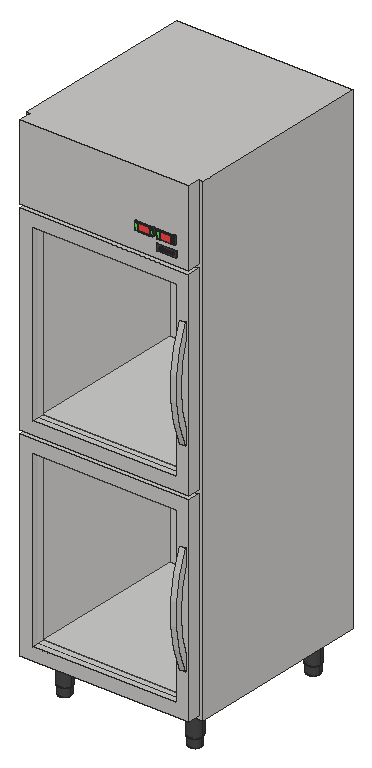
Revit family "QF_Macom_RVDS-A-2xx", category Specialty Equipment, Revit 2020
Family settings
  Round Connector Dimension = Use Diameter
  Part Type = Normal
  OmniClass Number = 23.40.40.11.11.17
  OmniClass Title = Refrigerator-Freezer
  Work Plane-Based = No
  Always vertical = Yes
  Cut with Voids When Loaded = No
  Shared = No
  Room Calculation Point = No
Parameters (values of type "RVDS-A-2VG")
  Weight = 150.00 kg
  Watts = 751 W
  Warranty Start Date [instance] = ""
  Warranty Duration [instance] = ""
  Volume = 1.16 m³
  Volts = 220 V
  URL = "https://www.acosmacom.com.br/produtos/refrigerador-vertical-dual-temp/"
  Refrigerator Work Temperature = "+1°C to +10°C"
  Refrigerator Capacity = 230.0 L
  Model = "RVDS-A-2VG"
  Half_Stainless_Door = no
  Half_Glass_Half_Stainless_Door = no
  Half_Glass_Door = yes
  Full_Stainless_Door = no
  Full_Glass_Door = no
  Freezer Work Temperature = "-20°C to -16°C"
  Freezer Capacity = 205.0 L
  Manufacturer = "MACOM"
  Default Elevation = 0.00 mm
  Door Width = Length Actual - 28.00 mm  # 672.00 mm
  Description = "REFRIGERADOR DUAL TEMP VERTICAL COMERCIAL SIMPLES MACOM, 2 PORTAS VIDRO-700X800X2070"
  Type Comments = ""
  Technical Documentation [instance] = ""
  Tag Number [instance] = ""
  Status [instance] = ""
  Sound Level [instance] = ""
  Solid Fuel Type [instance] = ""
  Show Logo [instance] = yes
  Show Clearances [instance] = yes
  Service Life Duration [instance] = ""
  Revision [instance] = ""
  Refrigeration Defrost Drain [instance] = yes
  Refrigeration Climate Class [instance] = "6"
  Refrigerant Type [instance] = "R404a"
  Production Year [instance] = ""
  Point Load [instance] = 0
  Phase [instance] = 0
  Operational Current [instance] = 3.64 A
  Model Warning [instance] = ""
  Masterspec [instance] = ""
  Length Actual = 700.00 mm
  Installation Date [instance] = ""
  Ingress Protection Code [instance] = "IP 22"
  Identify Quantity as Lot [instance] = yes
  ID [instance] = ""
  Hygiene Approval [instance] = ""
  Height Actual = 2070.00 mm
  Foodservice Equipment Identifier [instance] = yes
  Elec Conn Connection Height [instance] = 1823.00 mm
  ETL Approved [instance] = yes
  Depth Actual = 845.00 mm
  Cycle [instance] = 60 Hz
  CSI MasterFormat [instance] = ""
  CE Approved [instance] = yes
  Accessory [instance] = yes
Types (3, lengths in mm): name | Model | Half_Stainless_Door | Half_Glass_Door | Description | Refrigeration Climate Class
  (no name) | "RVDS-A-2VG" | no | yes | "REFRIGERADOR DUAL TEMP VERTICAL COMERCIAL SIMPLES MACOM, 2 PORTAS VIDRO-700X800X2070" | "6"
  RVDS-A-2IG | "RVDS-A-2IG" | yes | no | "REFRIGERADOR DUAL TEMP VERTICAL COMERCIAL SIMPLES MACOM, 2 PORTAS INOX-700X800X2070" | "5"
  RVDS-A-2VG | "RVDS-A-2VG" | no | yes | "REFRIGERADOR DUAL TEMP VERTICAL COMERCIAL SIMPLES MACOM, 2 PORTAS VIDRO-700X800X2070" | "6"
Reference planes
  plane 1 "Centro (Frontal/Traseira)": y = 0
  plane 2: z = 0
  plane 3 "Centro (Esquerda/Direita)": x = 0
  plane 4: z = 1770
  plane 5: z = 150
  plane 6: y = -131.5
  plane 7: y = -718.5
  plane 8: y = -50
  plane 9: y = -795
  plane 10: x = 91.5
  plane 11: x = 608.5
  plane 12: x = 700
  plane 13: z = 2070
  plane 14: y = -845
  plane 15: y = -845
  plane 16: z = 48.128
  plane 17: y = -845
  plane 18: x = 1199
  plane 19: y = -845
Forms (mm)
  Extrusion 1, solid, material "QF_Metal_Stainless_Steel"
    sketch origin (0, 0, 0) x (0, 1, 0) y (0, 0, 1)
      loop
        line (-50, 150) -> (-50, 1770) -> (-795, 1770) -> (-795, 150) -> (-50, 150)
    from 0 to 700
  Extrusion 2, solid, material "QF_Metal_Stainless_Steel"
    sketch origin (0, -50, 1770) x (0, -1, 0) y (1, 0, 0)
      loop
        line (0, 0) -> (745, 0) -> (745, 14) -> (795, 14) -> (795, 686) -> (745, 686) -> (745, 700) -> (0, 700) -> (0, 0)
    from 0 to 300
  Extrusion 3, solid, material "QF_Metal_Stainless_Steel"
    sketch origin (0, -50, 1770) x (1, 0, 0) y (0, 0, -1)
      loop
        circle (633, -53) r 9.525
    from 0 to 6.4
  Extrusion 4, solid, material "QF_Metal_Stainless_Steel"
    sketch origin (0, -50, 1770) x (1, 0, 0) y (0, 0, -1)
      loop
        line (52, -228.8) -> (618, -228.8) -> (618, 1168) -> (52, 1168) -> (52, -228.8)
    from 0 to 50
  Extrusion 5, void
    sketch origin (0, -795, 1770) x (-1, 0, 0) y (0, 0, 1)
      loop
        line (-36.938, -40.095) -> (-661.938, -40.095) -> (-661.938, -775.095) -> (-36.938, -775.095) -> (-36.938, -40.095)
      loop
        line (-36.938, -848.879) -> (-661.938, -848.879) -> (-661.938, -1578.879) -> (-36.938, -1578.879) -> (-36.938, -848.879)
    from 0 to 663.5
Cuts and joins
  Extrusion 5 cuts Extrusion 1
  Extrusion 5 cuts Extrusion 2
  joined: Extrusion 1, Extrusion 2
Lines and regions (mm)
  symbolic lines
    curve 1: line (0, -50, 0) -> (700, -50, 0)
    curve 2: line (700, -50, 0) -> (700, -795, 0)
    curve 3: line (700, -795, 0) -> (686, -795, 0)
    curve 4: line (686, -795, 0) -> (686, -845, 0)
    curve 5: line (686, -845, 0) -> (14, -845, 0)
    curve 6: line (14, -845, 0) -> (14, -795, 0)
    curve 7: line (14, -795, 0) -> (0, -795, 0)
    curve 8: line (0, -795, 0) -> (0, -50, 0)
    curve 9: line (52, 0, 0) -> (618, 0, 0)
    curve 10: line (52, -50, 0) -> (52, 0, 0)
    curve 11: line (618, -50, 0) -> (52, -50, 0)
    curve 12: line (618, 0, 0) -> (618, -50, 0)
    curve 17: line (21, -90, 0) -> (679, -90, 0)
    curve 18: line (21, -770, 0) -> (21, -90, 0)
    curve 19: line (679, -770, 0) -> (21, -770, 0)
    curve 20: line (679, -90, 0) -> (679, -770, 0)
  model lines
    curve 13: line (21, -90, 2070) -> (679, -90, 2070)
    curve 14: line (21, -770, 2070) -> (21, -90, 2070)
    curve 15: line (679, -770, 2070) -> (21, -770, 2070)
    curve 16: line (679, -90, 2070) -> (679, -770, 2070)
Dimensions and locks
  locked: plane 8 to plane 6 at 81.5
  locked: plane 8 to plane 7 at 668.5
  plane 1 "Centro (Frontal/Traseira)" to plane 8 = 50.00 mm
  plane 8 to plane 9 = 745.00 mm
  locked: plane 4 to plane 5 at 1620
  locked: plane 10 to plane 3 "Centro (Esquerda/Direita)" at 91.5
  "Length Actual": plane 12 to plane 3 "Centro (Esquerda/Direita)"
  locked: plane 12 to plane 11 at 91.5
  plane 4 to plane 5 = 1620.00 mm
  locked: plane 13 to plane 5 at 1920
  "Height Actual": plane 13 to level
  "Elec Conn Connection Height": level to Extrusion 3 sketch curve
  locked: plane 12 to Extrusion 3 sketch curve at 67
  locked: plane 12 to Extrusion 4 sketch curve at 82
  locked: Extrusion 4 sketch curve to plane 3 "Centro (Esquerda/Direita)" at 52
  locked: Extrusion 4 sketch curve to plane 13 at 71.2
  locked: level to Extrusion 4 sketch curve at 602
  "Depth Actual": plane 1 "Centro (Frontal/Traseira)" to plane 17
  locked: cut or joined group of Extrusion 1, Extrusion 2, Extrusion 5 to curve 14 at 21
  locked: curve 16 to cut or joined group of Extrusion 1, Extrusion 2, Extrusion 5 at 21
  locked: curve 13 to plane 8 at 40
  locked: curve 15 to plane 9 at 25
  locked: nested 8 to cut or joined group of Extrusion 1, Extrusion 2, Extrusion 5 at 14
  locked: nested 8 to plane 4 at 14
  aligned and locked: level to plane 2
  aligned and locked: plane 4 to Extrusion 1
  aligned and locked: plane 5 to Extrusion 1
  aligned and locked: plane 5 to nested 4
  aligned and locked: plane 5 to nested 2
  aligned and locked: plane 5 to nested 3
  aligned and locked: plane 5 to nested 1
  aligned and locked: plane 7 to nested 4
  aligned and locked: plane 7 to nested 1
  aligned and locked: plane 6 to nested 3
  aligned and locked: plane 6 to nested 2
  aligned and locked: plane 8 to Extrusion 1
  aligned and locked: plane 9 to Extrusion 1
  aligned and locked: plane 10 to nested 1
  aligned and locked: plane 10 to nested 2
  aligned and locked: plane 11 to nested 3
  aligned and locked: plane 11 to nested 4
  aligned and locked: plane 12 to Extrusion 1
  aligned and locked: plane 13 to cut or joined group of Extrusion 1, Extrusion 2, Extrusion 5
  aligned and locked: nested 5 to plane 14
  aligned and locked: plane 15 to nested 6
  aligned and locked: plane 17 to cut or joined group of Extrusion 1, Extrusion 2, Extrusion 5
  aligned and locked: plane 17 to plane 15
  aligned and locked: plane 15 to plane 14
  aligned and locked: plane 19 to nested 7
  aligned and locked: plane 19 to plane 15
  aligned and locked: curve 17 to curve 13
  aligned and locked: curve 18 to curve 14
  aligned and locked: curve 19 to curve 15
  aligned and locked: curve 20 to curve 16
  aligned and locked: cut or joined group of Extrusion 1, Extrusion 2, Extrusion 5 to nested 8
Automatic sketch dimensions
  Extrusion 1 sketch curve to plane 5 = 0.00 mm
  Extrusion 1 sketch curve to plane 9 = 0.00 mm
  Extrusion 1 sketch curve to plane 4 = 0.00 mm
  Extrusion 1 sketch curve to plane 8 = 0.00 mm
  Extrusion 2 sketch curve to Extrusion 1 = 0.00 mm  (x3)
  Extrusion 1 to Extrusion 2 sketch curve = 0.00 mm  (x2)
  Extrusion 1 to Extrusion 2 sketch curve = 14.00 mm  (x2)
  Extrusion 2 sketch curve to Extrusion 2 sketch curve = 50.00 mm
  curve 1 to plane 3 "Centro (Esquerda/Direita)" = 0.00 mm
  plane 9 to curve 6 = 0.00 mm
  plane 14 to curve 5 = 0.00 mm
  plane 1 "Centro (Frontal/Traseira)" to curve 10 = 0.00 mm
  plane 8 to curve 11 = 0.00 mm
  plane 9 to curve 4 = 0.00 mm
  plane 8 to curve 1 = 0.00 mm
  curve 1 to plane 12 = 0.00 mm
  plane 3 "Centro (Esquerda/Direita)" to curve 6 = 14.00 mm
  curve 10 to plane 10 = 39.50 mm
  plane 11 to curve 9 = 9.50 mm
  curve 4 to plane 12 = 14.00 mm
  Extrusion 5 sketch curve to Extrusion 2 = 647.938 mm  (x2)
  Extrusion 2 to Extrusion 5 sketch curve = 40.095 mm
  Extrusion 5 sketch curve to Extrusion 2 = 22.938 mm  (x2)
  Extrusion 5 sketch curve to Extrusion 5 sketch curve = 735.00 mm
  Extrusion 5 sketch curve to Extrusion 5 sketch curve = 73.785 mm
  Extrusion 5 sketch curve to Extrusion 5 sketch curve = 730.00 mm
  radius of Extrusion 3 sketch curve = 9.525 mm
Nested families
  nested 1: "PÉ DE APOIO 150" at (91.5, -718.5, 0.5), type "PÉ DE APOIO 150"
  nested 2: "PÉ DE APOIO 150" at (91.5, -131.5, 0.5), type "PÉ DE APOIO 150"
  nested 3: "PÉ DE APOIO 150" at (608.5, -131.5, 0.5), type "PÉ DE APOIO 150"
  nested 4: "PÉ DE APOIO 150" at (608.5, -718.5, 0.5), type "PÉ DE APOIO 150"
  nested 5: "CONTROLADOR_CAB" at (597.671, -845, 1859.435), type "CONTROLADOR_CAB"
  nested 6: "LOGOTIPO MACON" at (599, -845, 1797.117), visible <- "Show Logo", type "LOGOTIPO MACON"
  nested 7: "CONTROLADOR_CAB" at (511, -845, 1859.435), type "CONTROLADOR_CAB"
  nested 8: "PORTA RV_FV" at (14, -795, 164), Full_Glass_Door <- "Full_Glass_Door", Full_Stainless_Door <- "Full_Stainless_Door", Half_Glass_Door <- "Half_Glass_Door", Half_Glass_Half_Stainless <- "Half_Glass_Half_Stainless_Door", Half_Stainless_Door <- "Half_Stainless_Door", Length Actual <- "Door Width", Show Clearances <- "Show Clearances", type "PORTA RV_FV"
    with Weight 0.00 kg, Show Logo yes, Show Clearances yes, SMACNA No "", Revision Code "", R_Swing no, Point Load 0, NAFEM Spec ID Number "", Mid_Door 0.00 mm, Masterspec "", Length Actual 672.00 mm, L_Swing yes, Item Number "", Identify Quantity as Lot yes, Hinge_R no, Hinge_L yes, Hinge_Half 25.00 mm, Height Actual 0.00 mm, Half_Stainless_Door no, Half_Rght_Open no, Half_Left_Open yes, Half_Half_Right_Open no, Half_Half_Left_Open no, Half_Glass_Half_Stainless no, Half_Glass_Door yes, Full_Stainless_Door no, Full_Right_Open no, Full_Left_Open no, Full_Glass_Door no, Foodservice Equipment Identifier yes, Door_Thk 50.00 mm, Depth Actual 0.00 mm, CutHalf 0.00 mm, CSI MasterFormat "", CE Approved yes, Accessory yes
Connectors
  electrical at (633, -43.6, 1823), driven by "Volts"
    settings: on Extrusion 3, index 1, voltage 220 V, apparent load 0 VA, apparent load phase1 0 VA, apparent load phase2 0 VA, apparent load phase3 0 VA, power factor 1, load classification "Outro", number of poles 1, system type 30, power factor state 1, is connector primary yes, connector utility no, sub classification motor no, connector description ""
Definition of nested family "PÉ DE APOIO 150"
  Parameters (values of type "PÉ DE APOIO 150")
    Default Elevation = 0.00 mm
  Reference planes
    plane 1 "Centro (Frente/Trás)": y = 0
    plane 2: z = 0
    plane 3 "Centro (Esquerda/Direita)": x = 0
  Forms (mm)
    Revolve 1, solid
      sketch origin (0, 0, 0) x (1, 0, 0) y (0, 0, 1)
        loop
          line (0, 0) -> (23.041, 0)
          arc (23.041, 0) -> (24.426, 0.574) -> (25, 1.959) r 1.959
          line (25, 1.959) -> (25, 35) -> (26.049, 35)
          arc (26.049, 35) -> (28.136, 35.864) -> (29, 37.951) r 2.951
          line (29, 37.951) -> (29, 132) -> (34, 137) -> (0, 137) -> (0, 0)
        axis (0, 137) -> (0, 0)
      angle from 0 to 360
    Extrusion 2, solid
      sketch origin (0, 0, 0) x (1, 0, 0) y (0, 0, 1)
        loop
          line (47, 137) -> (47, 149.5) -> (-47, 149.5) -> (-47, 137) -> (47, 137)
      from -57 to 57
  Dimensions and locks
    aligned and locked: level to plane 2
Definition of nested family "CONTROLADOR_CAB"
  Parameters (values of type "CONTROLADOR_CAB")
    Default Elevation = 0.00 mm
  Reference planes
    plane 1 "Center (Front/Back)": y = 0
    plane 2: z = 0
    plane 3 "Center (Left/Right)": x = 0
  Forms (mm)
    Extrusion 1, solid
      sketch origin (0, 0, 0) x (1, 0, 0) y (0, 0, 1)
        loop
          line (37.5, -12.5) -> (37.5, 12.5)
          arc (37.5, 12.5) -> (36.328, 15.328) -> (33.5, 16.5) r 4
          line (33.5, 16.5) -> (-33.5, 16.5)
          arc (-33.5, 16.5) -> (-36.328, 15.328) -> (-37.5, 12.5) r 4
          line (-37.5, 12.5) -> (-37.5, -12.5)
          arc (-37.5, -12.5) -> (-36.328, -15.328) -> (-33.5, -16.5) r 4
          line (-33.5, -16.5) -> (33.5, -16.5)
          arc (33.5, -16.5) -> (36.328, -15.328) -> (37.5, -12.5) r 4
      from 0 to 5
    Extrusion 2, solid
      sketch origin (0, 0, 0) x (1, 0, 0) y (0, 0, 1)
        loop
          line (24, -13.5) -> (24, 13.5)
          arc (24, 13.5) -> (23.121, 15.621) -> (21, 16.5) r 3
          line (21, 16.5) -> (-21, 16.5)
          arc (-21, 16.5) -> (-23.121, 15.621) -> (-24, 13.5) r 3
          line (-24, 13.5) -> (-24, -13.5)
          arc (-24, -13.5) -> (-23.121, -15.621) -> (-21, -16.5) r 3
          line (-21, -16.5) -> (21, -16.5)
          arc (21, -16.5) -> (23.121, -15.621) -> (24, -13.5) r 3
      from 5 to 5.937
    Extrusion 3, solid
      sketch origin (0, 0, 0) x (1, 0, 0) y (0, 0, 1)
        loop
          line (-23, 13) -> (-23, -13) -> (23, -13) -> (23, 13) -> (-23, 13)
      from 5.937 to 6.875
    Extrusion 4, solid
      sketch origin (0, 0, 0) x (1, 0, 0) y (0, 0, 1)
        loop
          line (24, -13) -> (31, -13)
          arc (31, -13) -> (34.646, 0) -> (31, 13) r 25
          line (31, 13) -> (24, 13) -> (24, -13)
        loop
          line (-24, -13) -> (-24, 13) -> (-31, 13)
          arc (-31, 13) -> (-34.646, 0) -> (-31, -13) r 25
          line (-31, -13) -> (-24, -13)
      from 5 to 5.937
  Cuts and joins
    joined: Extrusion 1, Extrusion 2
  Dimensions and locks
    aligned and locked: level to plane 2
Definition of nested family "LOGOTIPO MACON"
  Parameters (values of type "LOGOTIPO MACON")
    Default Elevation = 0.00 mm
  Reference planes
    plane 1 "Centro (Frente/Trás)": y = 0
    plane 2: z = 0
    plane 3 "Centro (Esquerda/Direita)": x = 0
  Forms (mm)
    Extrusion 1, solid
      sketch origin (0, 4.488, 0.011) x (1, 0, 0) y (0, 0.000061, 1)
        loop
          arc (-37.5, 25.9) -> (-39.268, 25.168) -> (-40, 23.4) r 2.5
          line (-40, 23.4) -> (-40, 2.5)
          arc (-40, 2.5) -> (-39.268, 0.732) -> (-37.5, 0) r 2.5
          line (-37.5, 0) -> (37.5, 0)
          arc (37.5, 0) -> (39.268, 0.732) -> (40, 2.5) r 2.5
          line (40, 2.5) -> (40, 23.4)
          arc (40, 23.4) -> (39.268, 25.168) -> (37.5, 25.9) r 2.5
          line (37.5, 25.9) -> (-37.5, 25.9)
      from 5.474 to 4.489
    Extrusion 2, solid
      sketch origin (0, 4.488, 0.011) x (1, 0, 0) y (0, 0.000061, 1)
        loop
          arc (-39, 3.5) -> (-38.268, 1.732) -> (-36.5, 1) r 2.5
          line (-36.5, 1) -> (36.5, 1)
          arc (36.5, 1) -> (38.268, 1.732) -> (39, 3.5) r 2.5
          line (39, 3.5) -> (39, 22.668)
          arc (39, 22.668) -> (38.268, 24.436) -> (36.5, 25.168) r 2.5
          line (36.5, 25.168) -> (-36.5, 25.168)
          arc (-36.5, 25.168) -> (-38.268, 24.436) -> (-39, 22.668) r 2.5
          line (-39, 22.668) -> (-39, 3.5)
      from 5.474 to 6.289
    Extrusion 3, solid
      sketch origin (24.652, 4.488, 0.011) x (-1, 0, 0) y (0, -0.000061, -1)
        loop
          line (11.282, -9.291) -> (11.282, -10.615)
          arc (11.282, -10.615) -> (15.871, -12.733) -> (11.146, -14.527) r 2.741
          line (11.146, -14.527) -> (11.146, -15.974)
          arc (11.146, -15.974) -> (17.58, -12.762) -> (11.282, -9.291) r 4.061
        loop
          circle (6.809, -12.319) r 3.69
        loop
          circle (6.809, -12.319) r 2.22
        loop
          line (32.238, -16.286) -> (32.238, -9.175) -> (30.639, -9.175) -> (30.639, -14.32)
          arc (30.639, -14.32) -> (30.147, -14.812) -> (29.656, -14.32) r 0.492
          line (29.656, -14.32) -> (29.656, -9.175) -> (28.069, -9.175) -> (28.069, -14.32)
          arc (28.069, -14.32) -> (27.53, -14.859) -> (26.99, -14.32) r 0.539
          line (26.99, -14.32) -> (26.99, -9.175) -> (25.446, -9.175) -> (25.446, -14.741)
          arc (25.446, -14.741) -> (25.898, -15.834) -> (26.99, -16.286) r 1.545
          line (26.99, -16.286) -> (32.238, -16.286)
        loop
          line (23.94, -9.173) -> (22.031, -9.173) -> (22.031, -11.199) -> (20.21, -11.199) -> (20.21, -9.173) -> (18.544, -9.173) -> (18.544, -14.832)
          arc (18.544, -14.832) -> (18.942, -15.792) -> (19.902, -16.189) r 1.358
          line (19.902, -16.189) -> (23.94, -16.189) -> (23.94, -9.173)
        loop
          line (20.21, -12.773) -> (20.21, -14.531) -> (22.031, -14.531) -> (22.031, -12.773) -> (20.21, -12.773)
        loop
          line (1.892, -16.286) -> (1.892, -9.175) -> (0.292, -9.175) -> (0.292, -14.32)
          arc (0.292, -14.32) -> (-0.199, -14.812) -> (-0.691, -14.32) r 0.492
          line (-0.691, -14.32) -> (-0.691, -9.175) -> (-2.278, -9.175) -> (-2.278, -14.32)
          arc (-2.278, -14.32) -> (-2.817, -14.859) -> (-3.356, -14.32) r 0.539
          line (-3.356, -14.32) -> (-3.356, -9.175) -> (-4.901, -9.175) -> (-4.901, -14.741)
          arc (-4.901, -14.741) -> (-4.449, -15.834) -> (-3.356, -16.286) r 1.545
          line (-3.356, -16.286) -> (1.892, -16.286)
        loop
          line (51.28, -9.173) -> (49.828, -17.406)
          arc (49.828, -17.406) -> (53.465, -13.803) -> (51.28, -9.173) r 4.434
        loop
          arc (48.733, -7.616) -> (47.997, -7.316) -> (47.203, -7.346) r 1.888
          line (47.203, -7.346) -> (45.757, -15.549)
          arc (45.757, -15.549) -> (46.402, -15.886) -> (47.047, -15.549) r 0.786
          line (47.047, -15.549) -> (48.733, -7.616)
        loop
          arc (44.32, -6.837) -> (43.579, -6.926) -> (42.893, -7.22) r 2.628
          line (42.893, -7.22) -> (41.1, -15.655)
          arc (41.1, -15.655) -> (41.933, -16) -> (42.765, -15.655) r 1.178
          line (42.765, -15.655) -> (44.32, -6.837)
        loop
          arc (39.538, -8.212) -> (36.053, -11.76) -> (38.114, -16.286) r 4.392
          line (38.114, -16.286) -> (39.538, -8.212)
        loop
          spline (55.059, -12.773) -> (54.705, -11.079) -> (53.667, -9.501) -> (52.017, -8.146) -> (49.866, -7.106) -> (47.361, -6.452) -> (44.673, -6.229) -> (41.985, -6.452) -> (39.48, -7.106) -> (37.329, -8.146) -> (35.678, -9.501) -> (34.641, -11.079) -> (34.287, -12.773)
          spline (34.287, -12.773) -> (34.641, -14.466) -> (35.678, -16.045) -> (37.329, -17.4) -> (39.48, -18.44) -> (41.985, -19.094) -> (44.673, -19.317) -> (47.361, -19.094) -> (49.866, -18.44) -> (52.017, -17.4) -> (53.667, -16.045) -> (54.705, -14.466) -> (55.059, -12.773)
      from 6.289 to 6.977
  Dimensions and locks
    aligned and locked: level to plane 2
Definition of nested family "PORTA RV_FV"
  Parameters (values of type "PORTA RV_FV")
    Weight [instance] = 0.00 kg
    R_Swing [instance] = and(Hinge_R, Show Clearances)  # no
    Mid_Door [instance] = (Height Actual / 2)  # 0.00 mm
    L_Swing [instance] = and(Hinge_L, Show Clearances)  # yes
    Hinge_R [instance] = not(Hinge_L)  # no
    Hinge_L [instance] = yes
    Hinge_Half [instance] = Door_Thk / 2  # 25.00 mm
    Half_Stainless_Door [instance] = no
    Half_Rght_Open [instance] = and(Hinge_R, Half_Glass_Door)  # no
    Half_Left_Open [instance] = and(Hinge_L, Half_Glass_Door)  # no
    Half_Half_Right_Open [instance] = and(Hinge_R, Half_Glass_Half_Stainless)  # no
    Half_Half_Left_Open [instance] = and(Hinge_L, Half_Glass_Half_Stainless)  # no
    Half_Glass_Half_Stainless [instance] = no
    Half_Glass_Door [instance] = no
    Full_Stainless_Door [instance] = no
    Full_Right_Open [instance] = and(Hinge_R, Full_Glass_Door)  # no
    Full_Left_Open [instance] = and(Hinge_L, Full_Glass_Door)  # yes
    Full_Glass_Door [instance] = yes
    Default Elevation = 0.00 mm
    Door_Thk [instance] = 50.00 mm
    CutHalf [instance] = 0.00 mm
    Type Comments = ""
    Show Logo [instance] = yes
    Show Clearances [instance] = yes
    SMACNA No [instance] = ""
    Revision Code [instance] = ""
    Point Load [instance] = 0
    NAFEM Spec ID Number [instance] = ""
    Masterspec [instance] = ""
    Length Actual [instance] = 1000.00 mm
    Item Number [instance] = ""
    Identify Quantity as Lot [instance] = yes
    Height Actual [instance] = 0.00 mm
    Foodservice Equipment Identifier [instance] = yes
    Depth Actual [instance] = 0.00 mm
    CSI MasterFormat [instance] = ""
    CE Approved [instance] = yes
    Accessory [instance] = yes
  Reference planes
    plane 1 "Centro (Frontal/Traseira)": y = 0
    plane 2: z = 0
    plane 3 "Centro (Esquerda/Direita)": x = 0
    plane 4: x = 1000
  Forms (mm)
    Extrusion 1, solid, visible <- "Full_Glass_Door"
      sketch origin (0, 0, 0) x (1, 0, 0) y (0, 0, 1)
        loop
          line (0, 0) -> (1000, 0) -> (1000, 1592) -> (0, 1592) -> (0, 0)
        loop
          line (50, 1542) -> (50, 50) -> (950, 50) -> (950, 1542) -> (50, 1542)
      from 0 to 50 <- "Door_Thk"
    Extrusion 2, solid, visible <- "Full_Glass_Door"
      sketch origin (0, 0, 0) x (1, 0, 0) y (0, 0, 1)
        loop
          line (50, 1542) -> (50, 50) -> (950, 50) -> (950, 1542) -> (50, 1542)
      from 0 to 25 <- "Hinge_Half"
    Extrusion 3, solid, visible <- "Half_Glass_Half_Stainless"
      sketch origin (0, 0, 0) x (1, 0, 0) y (0, 0, 1)
        loop
          line (0, 1592) -> (0, 803.5) -> (1000, 803.5) -> (1000, 1592) -> (0, 1592)
        loop
          line (50, 1542) -> (50, 853.5) -> (950, 853.5) -> (950, 1542) -> (50, 1542)
      from 0 to 50 <- "Door_Thk"
    Extrusion 4, solid, visible <- "Half_Glass_Half_Stainless"
      sketch origin (0, 0, 0) x (1, 0, 0) y (0, 0, 1)
        loop
          line (50, 1542) -> (50, 853.5) -> (950, 853.5) -> (950, 1542) -> (50, 1542)
      from 0 to 25 <- "Hinge_Half"
    Extrusion 5, solid, visible <- "Half_Glass_Half_Stainless"
      sketch origin (0, 0, 0) x (1, 0, 0) y (0, 0, 1)
        loop
          line (0, 0) -> (1000, 0) -> (1000, 788.5) -> (0, 788.5) -> (0, 0)
      from 0 to 50 <- "Door_Thk"
    Extrusion 6, solid, visible <- "L_Swing", detail levels coarse
      sketch origin (0, 0, 1592) x (1, 0, 0) y (0, 1, 0)
        loop
          line (1000, -50) -> (0, -50) -> (0, -1050)
          arc (0, -1050) -> (707.107, -757.107) -> (1000, -50) r 1000
      from 0 to -1592
    Extrusion 7, solid, visible <- "R_Swing", detail levels coarse
      sketch origin (0, 0, 0) x (1, 0, 0) y (0, 1, 0)
        loop
          arc (0, -50) -> (292.893, -757.107) -> (1000, -1050) r 1000
          line (1000, -1050) -> (1000, -50) -> (0, -50)
      from 0 to 1592
    Extrusion 8, solid, visible <- "Full_Stainless_Door"
      sketch origin (0, 0, 0) x (1, 0, 0) y (0, 0, 1)
        loop
          line (0, 1592) -> (0, 0) -> (1000, 0) -> (1000, 1592) -> (0, 1592)
      from 0 to 50 <- "Door_Thk"
    Extrusion 9, solid, visible <- "Half_Stainless_Door"
      sketch origin (0, 0, 0) x (1, 0, 0) y (0, 0, 1)
        loop
          line (0, 1592) -> (0, 803.5) -> (1000, 803.5) -> (1000, 1592) -> (0, 1592)
        loop
          line (0, 788.5) -> (0, 0) -> (1000, 0) -> (1000, 788.5) -> (0, 788.5)
      from 0 to 50 <- "Door_Thk"
    Extrusion 10, solid, visible <- "Half_Glass_Door"
      sketch origin (0, 0, 0) x (1, 0, 0) y (0, 0, 1)
        loop
          line (0, 1592) -> (0, 803.5) -> (1000, 803.5) -> (1000, 1592) -> (0, 1592)
        loop
          line (50, 1542) -> (50, 853.5) -> (950, 853.5) -> (950, 1542) -> (50, 1542)
        loop
          line (0, 788.5) -> (0, 0) -> (1000, 0) -> (1000, 788.5) -> (0, 788.5)
        loop
          line (950, 50) -> (950, 738.5) -> (50, 738.5) -> (50, 50) -> (950, 50)
      from 0 to 50 <- "Door_Thk"
    Extrusion 11, solid, visible <- "Half_Glass_Door"
      sketch origin (0, 0, 0) x (1, 0, 0) y (0, 0, 1)
        loop
          line (50, 1542) -> (50, 853.5) -> (950, 853.5) -> (950, 1542) -> (50, 1542)
        loop
          line (950, 50) -> (950, 738.5) -> (50, 738.5) -> (50, 50) -> (950, 50)
      from 0 to 25 <- "Hinge_Half"
  Dimensions and locks
    locked: Extrusion 1 sketch curve to Extrusion 1 sketch curve at 1592
    locked: Extrusion 1 sketch curve to Extrusion 1 sketch curve at 50  (x4)
    Extrusion 3 sketch curve to Extrusion 3 sketch curve = 50.00 mm
    Extrusion 3 to Extrusion 5 sketch curve = 15.00 mm
    locked: Extrusion 7 to Extrusion 9 sketch curve at 788.5
    locked: Extrusion 9 to Extrusion 10 sketch curve at 50
    "Length Actual": plane 4 to plane 3 "Centro (Esquerda/Direita)"
    locked: plane 4 to nested 5 at 35
    locked: plane 4 to nested 8 at 35
    locked: plane 4 to nested 3 at 35
    aligned and locked: level to plane 2
    aligned and locked: Extrusion 1 sketch curve to plane 2
    aligned and locked: Extrusion 1 sketch curve to plane 3 "Centro (Esquerda/Direita)"
    aligned and locked: Extrusion 3 sketch curve to Extrusion 1  (x3)
    aligned and locked: Extrusion 5 sketch curve to Extrusion 1  (x2)
    aligned and locked: Extrusion 1 to Extrusion 5 sketch curve
    aligned and locked: Extrusion 6 to level
    aligned and locked: Extrusion 7 to Extrusion 1
    aligned and locked: Extrusion 8 sketch curve to Extrusion 1  (x3)
    aligned and locked: plane 2 to Extrusion 8 sketch curve
    aligned and locked: Extrusion 9 sketch curve to Extrusion 3  (x2)
    aligned and locked: Extrusion 9 sketch curve to Extrusion 5  (x2)
    aligned and locked: Extrusion 9 sketch curve to Extrusion 9 sketch curve
    aligned and locked: Extrusion 4 sketch curve to Extrusion 3  (x3)
    aligned and locked: Extrusion 3 to Extrusion 4 sketch curve
    aligned and locked: Extrusion 10 sketch curve to Extrusion 1  (x7)
    aligned and locked: Extrusion 10 sketch curve to Extrusion 3  (x4)
    aligned and locked: Extrusion 1 to Extrusion 10 sketch curve  (x2)
    aligned and locked: Extrusion 10 sketch curve to Extrusion 5  (x2)
    aligned and locked: Extrusion 11 sketch curve to Extrusion 1  (x2)
    aligned and locked: Extrusion 1 to Extrusion 11 sketch curve  (x2)
    aligned and locked: Extrusion 11 sketch curve to Extrusion 3  (x2)
    aligned and locked: Extrusion 11 sketch curve to Extrusion 10  (x2)
    aligned and locked: nested 2 to nested 6
    aligned and locked: nested 3 to nested 8
    aligned and locked: nested 3 to nested 4
    aligned and locked: nested 2 to nested 7
    aligned and locked: plane 4 to Extrusion 1
    aligned and locked: Extrusion 6 sketch curve to Extrusion 1
    aligned and locked: Extrusion 6 sketch curve to plane 3 "Centro (Esquerda/Direita)"
    aligned and locked: Extrusion 7 sketch curve to Extrusion 1
  Automatic sketch dimensions
    Extrusion 1 sketch curve to plane 4 = 0.00 mm
    plane 3 "Centro (Esquerda/Direita)" to Extrusion 2 sketch curve = 50.00 mm
    Extrusion 2 sketch curve to plane 4 = 50.00 mm
    level to Extrusion 2 sketch curve = 50.00 mm
    Extrusion 2 sketch curve to Extrusion 2 sketch curve = 1492.00 mm
    plane 3 "Centro (Esquerda/Direita)" to Extrusion 3 sketch curve = 50.00 mm
    Extrusion 3 sketch curve to Extrusion 3 sketch curve = 50.00 mm
    Extrusion 3 sketch curve to Extrusion 3 sketch curve = 688.50 mm
    Extrusion 9 sketch curve to plane 3 "Centro (Esquerda/Direita)" = 0.00 mm
    Extrusion 9 sketch curve to Extrusion 9 sketch curve = 15.00 mm
    Extrusion 6 sketch curve to Extrusion 3 = 0.00 mm
    Extrusion 7 sketch curve to plane 3 "Centro (Esquerda/Direita)" = 0.00 mm
    Extrusion 7 sketch curve to plane 4 = 0.00 mm
    Extrusion 3 sketch curve to plane 4 = 50.00 mm
  Nested families
    nested 1: "PUXADOR RV_FV" at (11, -50, 977.75), visible <- "Half_Half_Right_Open", type "PUXADOR RV_FV"
    nested 2: "PUXADOR RV_FV" at (11, -50, 174.25), visible <- "Half_Rght_Open", type "PUXADOR RV_FV"
    nested 3: "PUXADOR RV_FV" at (965, -50, 174.25), visible <- "Half_Left_Open", type "PUXADOR RV_FV"
    nested 4: "PUXADOR RV_FV" at (965, -50, 977.75), visible <- "Half_Left_Open", type "PUXADOR RV_FV"
    nested 5: "PUXADOR RV_FV" at (965, -50, 977.75), visible <- "Half_Half_Left_Open", type "PUXADOR RV_FV"
    nested 6: "PUXADOR RV_FV" at (11, -50, 977.75), visible <- "Half_Rght_Open", type "PUXADOR RV_FV"
    nested 7: "PUXADOR RV_FV" at (11, -50, 576), visible <- "Full_Right_Open", type "PUXADOR RV_FV"
    nested 8: "PUXADOR RV_FV" at (965, -50, 576), visible <- "Full_Left_Open", type "PUXADOR RV_FV"
  Definition of nested family "PUXADOR RV_FV"
    Parameters
      Default Elevation = 0.00 mm
    Reference planes
      plane 1 "Centro (Frente/Trás)": y = 0
      plane 2: z = 0
      plane 3 "Centro (Esquerda/Direita)": x = 0
      plane 4: y = -47
    Forms (mm)
      Extrusion 1, solid
        sketch origin (0, 0, 0) x (0, 1, 0) y (0, 0, 1)
          loop
            line (0, 0) -> (0, 60)
            arc (0, 60) -> (-27.553, 220) -> (0, 380) r 478.332
            line (0, 380) -> (0, 440)
            arc (0, 440) -> (-47.026, 220) -> (0, 0) r 538.127
        from 0 to 24
    Dimensions and locks
      plane 4 to plane 1 "Centro (Frente/Trás)" = 47.00 mm
      aligned and locked: level to plane 2
